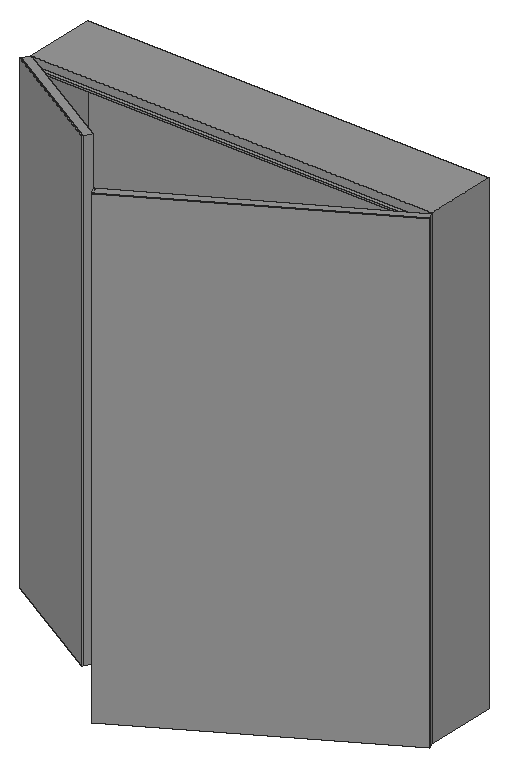
Revit family "Hager-Univers-IP44-D161-H950-Cl.II-FWQ_encl-NoHosted-NL-en", category Equipement électrique, Revit 2020
Family settings
  Configuration du panneau = Deux colonnes, circuits au sein
  Cote de connecteur circulaire = Utiliser le diamètre
  Type d'élément = Tableau de raccordement
  Basée sur le plan de construction = Oui
  Toujours verticalement = Oui
  Couper avec des vides une fois chargée = Non
  Partagée = Non
  Point de calcul de pièce = Non
Parameters (values of type "Surface mounted (plaster) IP44 W800 H950 D161  - FWQ63P")
  Width Control [instance] = if([EF000008 - Width] > Min Width, [EF000008 - Width], Min Width)  # 800 mm
  Commentaires du type = [HG000003 - Range]  # "Univers"
  Thickness Door [instance] = if([EF009171 - Material plate thickness door/cover] > 3 mm, 3 mm, [EF009171 - Material plate thickness door/cover])  # 2 mm
  Seal Frame Offset [instance] = 17 mm  # constant formula
  Plinth Visibility [instance] = [HG000027 - Plinth height] > 0 mm  # no
  Min Width [instance] = 100 mm  # constant formula
  Min Depth [instance] = (2 * [EF009170 - Material plate thickness cabinet]) + 1 mm  # 5 mm
  Min Height [instance] = 100 mm  # constant formula
  Internal Frame Depth [instance] = (Door System Depth * 0.5)  # 9 mm
  Panel Name [instance] = ""  # (empty or 0)
  Model = ""
  HG000027 - Plinth height = 0 mm
  HG000026 - Floor standing = no
  HG000024 - Bottom section height = 600 mm
  HG000023 - Double section enclosure = no
  HG000016 - Door 3d visibility [instance] = yes
  HG000015 - Clearance visibility [instance] = no
  HG000014 - Door on the right [instance] = yes
  HG000013 - Door on the left [instance] = not([HG000014 - Door on the right])  # no
  HG000012 - Door swing angle [instance] = 30.00°
  HG000010 - Asymmetric doors = yes
  HG000009 - Double swing door = yes
  HG000006 - Flush mounted = no
  HG000004 - Manufacturer reference = "FWQ63P"
  HG000003 - Range = "Univers"
  HG000002 - With door or cover = yes
  Frame Offset Bottom [instance] = 10 mm  # constant formula
  Frame Offset [instance] = 15 mm  # constant formula
  EF015940 - Cover with overpressure release = no
  EF011959 - Degree of protection (NEMA) = ""
  EF009554 - Number of openings for flange plates = 6
  EF009212 - Cover model = "EV009916 - With notch"
  EF009171 - Material plate thickness door/cover = 2 mm
  EF009170 - Material plate thickness cabinet = 2 mm
  EF008873 - Nominal current (In) = 125 A
  EF007800 - Suitable for lightning protection = no
  EF006306 - With lock = no
  EF006244 - Transparent cover/door = no
  EF005474 - Degree of protection (IP) = "EV006418 - IP44"
  EF004464 - Type of door = "EV002646 - Single"
  EF004427 - Number of modules = 216
  EF004293 - Impact strength = "EV006815 - IK09"
  EF003532 - Suitable for outdoor use = no
  EF002950 - Width in number of modular spacings = 36
  EF001613 - Circuit integrity = "EV000494 - None"
  EF001596 - Material housing = "EV000179 - Steel"
  EF001131 - Internal depth = 161 mm
  EF001088 - Extension possible = yes
  EF000437 - Number of conduit inlets = 12
  EF000339 - Type of cover = "EV001012 - Cover"
  EF000266 - Number of rows = 3
  EF000218 - Built-in depth = 0 mm
  EF000118 - With mounting plate = yes
  EF000116 - RAL-number = "9010"
  EF000049 - Depth = 161 mm
  EF000040 - Height = 950 mm
  EF000008 - Width = 800 mm
  EF000007 - Colour = "EV000202 - White"
  EF000003 - Mounting method = "EV000384 - Surface mounted (plaster)"
  Door System Leaf Tolerance [instance] = 1.5 mm  # constant formula
  Door System Depth [instance] = 18 mm  # constant formula
  Door Height [instance] = Height Control - [HG000027 - Plinth height]  # 950 mm
  Description = ""
  Default Elevation = 1219.2 mm
  Connector Offset [instance] = Height Control / 2  # 475 mm
  Fabricant = "Hager"  # constant formula
  Height Control [instance] = if([EF000040 - Height] > Min Height, [EF000040 - Height], Min Height)  # 950 mm
  Depth Control [instance] = if([EF000049 - Depth] > Min Depth, [EF000049 - Depth], Min Depth)  # 161 mm
  Bottom Top Plate Trim [instance] = 1.5 mm  # constant formula
  Plinth height Ctrl [instance] = if([HG000027 - Plinth height] > 0 mm, [HG000027 - Plinth height], 12 mm)  # 12 mm
Types (4, lengths in mm): name | Width Control | HG000010 - Asymmetric doors | HG000009 - Double swing door | HG000004 - Manufacturer reference | EF009554 - Number of openings for flange plates | EF004427 - Number of modules | EF002950 - Width in number of modular spacings | EF000437 - Number of conduit inlets | EF000266 - Number of rows | EF000008 - Width
  Surface mounted (plaster) IP44 W1050 H950 D161  - FWQ64P | 1050 | no | yes | "FWQ64P" | 8 | 288 | 48 | 16 | 4 | 1050
  Surface mounted (plaster) IP44 W300 H950 D161  - FWQ61P | 300 | no | no | "FWQ61P" | 2 | 72 | 12 | 4 | 1 | 300
  Surface mounted (plaster) IP44 W550 H950 D161  - FWQ62P | 550 | no | no | "FWQ62P" | 4 | 144 | 24 | 8 | 2 | 550
  Surface mounted (plaster) IP44 W800 H950 D161  - FWQ63P | 800 | yes | yes | "FWQ63P" | 6 | 216 | 36 | 12 | 3 | 800
Reference planes
  plane 1 "Center (Front/Back)": y = 0
  plane 2: z = 0
  plane 3 "Center (Left/Right)": x = 0
  plane 4: y = 0
  plane 5: y = 0
  plane 6: z = 0
  plane 7: x = -400
  plane 8: x = 400
  plane 9: x = 398
  plane 10: x = -398
  plane 11: z = 0
  plane 12: z = 2
  plane 13: y = -161
  plane 14: y = -2
  plane 15: x = 0
  plane 16: y = -143
  plane 17: y = -159
  plane 18: y = -141
  plane 19: x = -383
  plane 20: x = 383
  plane 21: z = 12
  plane 22: x = -383
  plane 23: x = 383
  plane 24: z = 0
  plane 25: z = 950
  plane 26: z = 950
  plane 27: z = 933
  plane 28: z = 948
Forms (mm)
  Extrusion 1, solid, material "Hager_Steel_RAL7035_Light_Grey", detail levels medium+fine
    sketch origin (-208.679, -4572, 0) x (-1, 0, 0) y (0, -1, 0)
      loop
        line (191.321, -4429) -> (-608.679, -4429) -> (-608.679, -4572) -> (191.321, -4572) -> (191.321, -4429)
    from 0 to 950
  Extrusion 2, void
    sketch origin (-350.771, -161, 1219.2) x (1, 0, 0) y (0, 0, 1)
      loop
        line (-47.229, -271.2) -> (-47.229, -1217.2) -> (748.771, -1217.2) -> (748.771, -271.2) -> (-47.229, -271.2)
    from -20 to -159
  Extrusion 3, void
    sketch origin (-290.084, -143, 1219.2) x (1, 0, 0) y (0, 0, 1)
      loop
        line (-92.916, -1207.2) -> (673.084, -1207.2) -> (673.084, -286.2) -> (-92.916, -286.2) -> (-92.916, -1207.2)
    from 0 to -2
  Extrusion 4, solid, material "Hager_Steel_RAL7035_Light_Grey", visible <- "Plinth Visibility", detail levels medium+fine
    sketch origin (0, 0, 0) x (1, 0, 0) y (0, 1, 0)
      loop
        line (-400, 0) -> (-400, -143) -> (400, -143) -> (400, 0) -> (-400, 0)
    from 0 to 12 <- "Plinth height Ctrl"
  Extrusion 5, solid, material "Hager_Steel_RAL7035_Light_Grey", detail levels coarse
    sketch origin (0, 0, 0) x (1, 0, 0) y (0, 1, 0)
      loop
        line (-400, 0) -> (-400, -161) -> (400, -161) -> (400, 0) -> (-400, 0)
    from 0 to 950 <- "Height Control"
  Sweep 6, void
    path in 3D
      loop
        line (-400, -143, 12) -> (400, -143, 12) -> (400, 0, 12) -> (-400, 0, 12) -> (-400, -143, 12)
    profile origin (-400, -71.5, 12) x (1, 0, 0) y (0, 0, 1)
      loop
        line (0, 0) -> (0, -1.5) -> (1.5, -1.5)
        arc (1.5, -1.5) -> (1.061, -0.439) -> (0, 0) r 1.5
  Extrusion 7, solid, material "Hager_Steel_RAL7035_Light_Grey", detail levels fine
    sketch origin (-400, -143, 0) x (1, 0, 0) y (0, 0, 1)
      loop
        line (17, 12) -> (783, 12) -> (783, 933) -> (17, 933) -> (17, 12)
      loop
        line (15, 10) -> (785, 10) -> (785, 935) -> (15, 935) -> (15, 10)
    from 0 to 9 <- "Internal Frame Depth"
Cuts and joins
  Extrusion 2, Extrusion 3 cuts Extrusion 1
  Sweep 6 cuts Extrusion 4
Lines and regions (mm)
  Masking region 1
    outline origin (0, 0, 0) x (1, 0, 0) y (0, 1, 0)
      loop
        line (-400, 0) -> (-400, -161) -> (400, -161) -> (400, 0) -> (-400, 0)
  Masking region 2, detail levels coarse
    outline origin (-290.084, -143, 1219.2) x (-1, 0, 0) y (0, 0, 1)
      loop
        line (-690.084, -1219.2) -> (109.916, -1219.2) -> (109.916, -269.2) -> (-690.084, -269.2) -> (-690.084, -1219.2)
  Masking region 3, detail levels coarse
    outline origin (0, 0, 0) x (0, 1, 0) y (0, 0, 1)
      loop
        line (0, 0) -> (0, 950) -> (-161, 950) -> (-161, 0) -> (0, 0)
  Masking region 4, visible <- "Plinth Visibility", detail levels medium+fine
    outline origin (0, 0, 0) x (0, 1, 0) y (0, 0, 1)
      loop
        line (-1.5, 12) -> (-141.5, 12)
        arc (-141.5, 12) -> (-141.939, 10.939) -> (-143, 10.5) r 1.5
        line (-143, 10.5) -> (-143, 0) -> (0, 0) -> (0, 10.5)
        arc (0, 10.5) -> (-1.061, 10.939) -> (-1.5, 12) r 1.5
  Masking region 5, detail levels medium+fine
    outline origin (0, 0, 594.038) x (0, 1, 0) y (0, 0, 1)
      loop
        line (0, -594.038) -> (0, 355.962) -> (-143, 355.962) -> (-143, -594.038) -> (0, -594.038)
  Masking region 6, detail levels medium+fine
    outline origin (-359.7, -143, 1211.883) x (-1, 0, 0) y (0, 0, 1)
      loop
        line (-759.7, -1211.883) -> (40.3, -1211.883) -> (40.3, -261.883) -> (-759.7, -261.883) -> (-759.7, -1211.883)
  Masking region 7, visible <- "Plinth Visibility", detail levels medium+fine
    outline origin (-320.334, -143, 1041.368) x (-1, 0, 0) y (0, 0, 1)
      loop
        line (-720.334, -1041.368) -> (79.666, -1041.368) -> (79.666, -1030.868)
        arc (79.666, -1030.868) -> (78.606, -1030.429) -> (78.166, -1029.368) r 1.5
        line (78.166, -1029.368) -> (-718.834, -1029.368)
        arc (-718.834, -1029.368) -> (-719.273, -1030.429) -> (-720.334, -1030.868) r 1.5
        line (-720.334, -1030.868) -> (-720.334, -1041.368)
  sketch lines
    curve 1: line (-400, 0, 12) -> (-400, -143, 12)
    curve 2: line (-400, -143, 12) -> (400, -143, 12)
    curve 3: line (400, 0, 12) -> (-400, 0, 12)
    curve 4: line (400, -143, 12) -> (400, 0, 12)
Dimensions and locks
  locked: plane 1 "Center (Front/Back)" to plane 5
  "EF009170 - Material plate thickness cabinet": plane 7 to plane 10
  "EF009170 - Material plate thickness cabinet": plane 8 to plane 9
  equal spacing: plane 7, plane 3 "Center (Left/Right)", plane 8
  "Width Control": plane 7 to plane 8
  "Depth Control": plane 4 to plane 13
  "EF009170 - Material plate thickness cabinet": plane 4 to plane 14
  "Height Control": plane 25 to level
  "HG000027 - Plinth height": plane 11 to level
  "EF009170 - Material plate thickness cabinet": plane 12 to plane 11
  "EF009170 - Material plate thickness cabinet": plane 17 to plane 13
  "EF009170 - Material plate thickness cabinet": plane 18 to plane 16
  "Frame Offset Bottom": plane 21 to plane 12
  "Frame Offset": plane 10 to plane 19
  "Frame Offset": plane 9 to plane 20
  "Door System Depth": plane 16 to plane 13
  "Seal Frame Offset": plane 7 to plane 22
  "Seal Frame Offset": plane 8 to plane 23
  "EF009170 - Material plate thickness cabinet": plane 26 to plane 28
  "Frame Offset": plane 28 to plane 27
  "Connector Offset": plane 2 to connector elem
  "Bottom Top Plate Trim": profile plane to Sweep 6 sketch curve
  "Bottom Top Plate Trim": Sweep 6 sketch curve to Sweep 6 sketch curve
  "Plinth height Ctrl": Masking region 4 sketch curve to level
  "Plinth height Ctrl": Masking region 7 sketch curve to level
  "Thickness Door": Extrusion 7 sketch curve to Extrusion 7 sketch curve  (x4)
  "Bottom Top Plate Trim": radius of Sweep 6 sketch curve
  "Bottom Top Plate Trim": radius of Masking region 4 sketch curve  (x2)
  "Bottom Top Plate Trim": radius of Masking region 7 sketch curve  (x2)
  aligned and locked: Extrusion 2 sketch curve to plane 12
  aligned and locked: Extrusion 2 sketch curve to plane 9
  aligned and locked: Extrusion 2 sketch curve to plane 10
  aligned and locked: Extrusion 2 to plane 14
  aligned and locked: Extrusion 1 sketch curve to plane 4
  aligned and locked: plane 8 to Extrusion 1 sketch curve
  aligned and locked: plane 7 to Extrusion 1 sketch curve
  aligned and locked: Extrusion 2 to plane 18
  aligned and locked: Extrusion 3 sketch curve to plane 19
  aligned and locked: plane 20 to Extrusion 3 sketch curve
  aligned and locked: Extrusion 3 to Extrusion 2
  aligned and locked: Extrusion 3 sketch curve to plane 21
  aligned and locked: plane 3 "Center (Left/Right)" to nested 1
  aligned and locked: Extrusion 1 sketch curve to plane 16
  aligned and locked: Extrusion 4 sketch curve to cut or joined group of Extrusion 1, Extrusion 2, Extrusion 3
  aligned and locked: Masking region 1 sketch curve to plane 7
  aligned and locked: Masking region 1 sketch curve to plane 5
  aligned and locked: Masking region 1 sketch curve to plane 8
  aligned and locked: Masking region 2 sketch curve to level
  aligned and locked: level to Masking region 3 sketch curve
  aligned and locked: plane 1 "Center (Front/Back)" to Masking region 3 sketch curve
  aligned and locked: plane 13 to Masking region 3 sketch curve
  aligned and locked: plane 5 to Masking region 4 sketch curve
  aligned and locked: Masking region 2 sketch curve to plane 8
  aligned and locked: Masking region 2 sketch curve to plane 7
  aligned and locked: plane 7 to nested 2
  aligned and locked: nested 2 to plane 5
  aligned and locked: plane 5 to Masking region 5 sketch curve
  aligned and locked: plane 26 to Masking region 5 sketch curve
  aligned and locked: Extrusion 5 sketch curve to plane 8
  aligned and locked: Extrusion 5 sketch curve to plane 7
  aligned and locked: Extrusion 5 sketch curve to plane 5
  aligned and locked: Extrusion 3 sketch curve to plane 27
  aligned and locked: Extrusion 2 sketch curve to plane 28
  aligned and locked: Masking region 2 to plane 25
  aligned and locked: Extrusion 4 to plane 16
  aligned and locked: profile plane to Sweep 6 sketch curve
  aligned and locked: Masking region 5 sketch curve to plane 24
  aligned and locked: level to Masking region 4 sketch curve
  aligned and locked: Masking region 1 to plane 13
  aligned and locked: nested 1 to plane 16
  aligned and locked: Masking region 3 to plane 25
  aligned and locked: plane 16 to Masking region 4 sketch curve
  aligned and locked: Masking region 5 sketch curve to plane 16
  aligned and locked: plane 24 to plane 11
  aligned and locked: plane 26 to plane 25
  aligned and locked: plane 26 to cut or joined group of Extrusion 1, Extrusion 2, Extrusion 3
  aligned and locked: nested 1 to plane 24
  aligned and locked: Extrusion 1 to Extrusion 3
  aligned and locked: Masking region 6 sketch curve to plane 8
  aligned and locked: Masking region 6 sketch curve to plane 24
  aligned and locked: Masking region 6 sketch curve to plane 7
  aligned and locked: Masking region 6 sketch curve to plane 26
  aligned and locked: Masking region 7 sketch curve to plane 7
  aligned and locked: level to Masking region 7 sketch curve
  aligned and locked: Masking region 7 sketch curve to plane 8
  aligned and locked: Extrusion 7 sketch curve to cut or joined group of Extrusion 1, Extrusion 2, Extrusion 3  (x4)
Automatic sketch dimensions
  plane 19 to Extrusion 3 sketch curve = 0 mm
  Extrusion 3 sketch curve to plane 20 = 0 mm
  Extrusion 3 sketch curve to plane 21 = 0 mm
  Extrusion 4 sketch curve to plane 7 = 0 mm
  Extrusion 4 sketch curve to plane 8 = 0 mm
  Extrusion 4 sketch curve to plane 16 = 0 mm
  Masking region 1 sketch curve to plane 13 = 0 mm
  Masking region 2 sketch curve to plane 25 = 0 mm
  Masking region 3 sketch curve to plane 25 = 0 mm
  Extrusion 5 sketch curve to plane 13 = 0 mm
  profile plane to Sweep 6 sketch curve = 0 mm
Nested families
  nested 1: "EC000058_Univers_Door" at (0, -143, 0), Double <- "HG000009 - Double swing door", Transparent <- "EF006244 - Transparent cover/door", Angle <- "HG000012 - Door swing angle", Door_Right <- "HG000014 - Door on the right", Assymetrical <- "HG000010 - Asymmetric doors", Door <- "HG000002 - With door or cover", Width_Ctrl <- "Width Control", 3d_Door <- "HG000016 - Door 3d visibility", Clearance <- "HG000015 - Clearance visibility", Door_Left <- "HG000013 - Door on the left", Width <- "Width Control", Door_Depth <- "Door System Depth", Leaf_Tolerance <- "Door System Leaf Tolerance", Height <- "Door Height", Lock_Visibility <- "EF006306 - With lock", Thickness <- "Thickness Door", type "EC000058_Univers_Door", detail levels medium+fine
    with min_wh 5 mm, Width_Ctrl 800 mm, Width 800 mm, Transparent no, Thickness 2 mm, Seal_Material Hager_Rubber, Lock_Visibility no, Lock_Material Hager_Plastic_RAL9005_Jet_Black, Leaf_Width 800 mm, Leaf_Tolerance_External_Sides 0 mm, Leaf_Tolerance 1.5 mm, Leaf_Offset 0 mm, Leaf_Height 947 mm, Leaf_2_Width 532.583 mm, Leaf_2_Offset 266.292 mm, Leaf_1_Width 265.917 mm, Leaf_1_Offset 132.958 mm, Height_Ctrl 950 mm, Height 950 mm, Glass_Material Hager_Glass, Double_Clearance_Ctrl no, Double yes, Door_Right_Ctrl yes, Door_Right yes, Door_Material Hager_Steel_RAL7035_Light_Grey, Door_Left_Ctrl yes, Door_Left no, Door_Depth 18 mm, Door yes, Clearance_Material Hager_Clearance, Clearance_Depth 532.583 mm, Clearance_Ctrl no, Clearance no, Assymetrical yes, Angle 30.00°, 3d_Door yes
  nested 2: "Hager_Enclosure_Symbol" at (-400, 0, 0), Height <- "Depth Control", Width <- "Width Control", type "Hager_Enclosure_Symbol"
    with Width_Ctrl 800 mm, Width 800 mm, Height_Ctrl 161 mm, Height 161 mm, A_Width_Int 10.566 mm, A_Width 126.788 mm, A_Height_Ctrl 140.875 mm, A_Height 140.875 mm
Connectors
  electrical at (0, 0, 475)
    settings: on plane 1 "Center (Front/Back)", index 1, voltage 0 V, apparent load 0 VA, apparent load phase1 0 VA, apparent load phase2 0 VA, apparent load phase3 0 VA, power factor 1, load classification "Other", number of poles 1, system type 30, power factor state 1, is connector primary yes, connector utility no, sub classification motor no, connector description ""
Definition of nested family "EC000058_Univers_Door"
  Parameters (values of type "EC000058_Univers_Door")
    min_wh [instance] = (2 * Thickness) + 1 mm  # 11 mm
    Width_Ctrl [instance] = 400 mm
    Width [instance] = 500 mm
    Transparent [instance] = yes
    Thickness [instance] = 5 mm
    Seal_Material [instance] = none
    Lock_Visibility [instance] = yes
    Lock_Material [instance] = none
    Leaf_Width [instance] = if((Width_Ctrl - 2 * Leaf_Tolerance_External_Sides) > 0 mm, (Width_Ctrl - 2 * Leaf_Tolerance_External_Sides), min_wh)  # 400 mm
    Leaf_Tolerance_External_Sides [instance] = 0 mm  # constant formula
    Leaf_Tolerance [instance] = 1.5 mm
    Leaf_Offset [instance] = 0 mm  # constant formula
    Leaf_Height [instance] = if((Height_Ctrl - 2 * Leaf_Tolerance) > 0 mm, (Height_Ctrl - 2 * Leaf_Tolerance), min_wh)  # 497 mm
    Leaf_2_Width [instance] = if(and(and(Double, Assymetrical), Door_Left), (Leaf_Width / 3) - (Leaf_Tolerance / 2), if(and(and(Double, Assymetrical), Door_Right), (Leaf_Width / 3) * 2 - (Leaf_Tolerance / 2), if(and(Double, not(Assymetrical)), (Leaf_Width / 2) - Leaf_Tolerance, Leaf_Width)))  # 400 mm
    Leaf_2_Offset [instance] = if(and(Double, Assymetrical), Leaf_2_Width / 2, if(and(Double, not(Assymetrical)), Leaf_Width / 4, Leaf_Width / 2))  # 200 mm
    Leaf_1_Width [instance] = if(and(and(Double, Assymetrical), Door_Right), (Leaf_Width / 3) - (Leaf_Tolerance / 2), if(and(and(Double, Assymetrical), Door_Left), (Width / 3) * 2 - (Leaf_Tolerance / 2), if(and(Double, not(Assymetrical)), (Leaf_Width / 2) - Leaf_Tolerance, Leaf_Width)))  # 400 mm
    Leaf_1_Offset [instance] = if(and(Double, Assymetrical), Leaf_1_Width / 2, if(and(Double, not(Assymetrical)), Leaf_Width / 4, Leaf_Width / 2))  # 200 mm
    Height_Ctrl [instance] = if(Height > min_wh, Height, min_wh)  # 500 mm
    Height [instance] = 500 mm
    Glass_Material [instance] = none
    Double_Clearance_Ctrl [instance] = and(Double, Clearance)  # no
    Double [instance] = no
    Door_Right_Ctrl [instance] = and(or(Door_Right, Double), Door)  # yes
    Door_Right [instance] = yes
    Door_Material [instance] = none
    Door_Left_Ctrl [instance] = and(or(Door_Left, Double), Door)  # no
    Door_Left [instance] = no
    Door_Depth [instance] = 30 mm
    Door [instance] = yes
    Default Elevation = 1219.2 mm
    Clearance_Material [instance] = none
    Clearance_Depth [instance] = if(Leaf_1_Width > Leaf_2_Width, Leaf_1_Width, Leaf_2_Width)  # 400 mm
    Clearance_Ctrl [instance] = and(not(Double), Clearance)  # yes
    Clearance [instance] = yes
    Assymetrical [instance] = yes
    Angle [instance] = 30.00°
    3d_Door [instance] = yes
  Reference planes
    plane 1 "Center (Front/Back)": y = 0
    plane 2 "Bottom": z = 0
    plane 3 "Center (Left/Right)": x = 0
    plane 4: z = 500
    plane 5: x = -200
    plane 6: x = 200
    plane 7: z = 500
    plane 8: x = -200
    plane 9: z = 0
    plane 10: x = 200
    plane 11: y = 0
    plane 12: z = 1.5
    plane 13: x = -600
    plane 14: y = -400
    plane 15: x = 600
    plane 16: x = 0
    plane 17: x = 0
    plane 18: x = -200
    plane 19: x = 200
    plane 20: z = 498.5
  Forms (mm)
    Extrusion 1, solid, material <- "Clearance_Material", visible <- "Double_Clearance_Ctrl"
      sketch origin (1200, 0, 0) x (1, 0, 0) y (0, 0, -1)
        loop
          line (-1800, -498.5) -> (-600, -498.5) -> (-600, 0) -> (-1800, 0) -> (-1800, -498.5)
      from 0 to -400
  Dimensions and locks
    equal spacing: plane 5, plane 3 "Center (Left/Right)", plane 6
    "Width_Ctrl": plane 5 to plane 6
    "Leaf_Offset": plane 5 to plane 8
    "Leaf_Offset": plane 6 to plane 10
    "Leaf_Offset": plane 9 to level
    "Leaf_Offset": plane 4 to plane 7
    "Height_Ctrl": plane 4 to level
    "Leaf_Tolerance": plane 12 to plane 9
    locked: plane 11 to plane 1 "Center (Front/Back)"
    "Leaf_1_Offset": plane 18 to plane 16
    "Leaf_2_Offset": plane 17 to plane 19
    "Leaf_1_Width": plane 13 to plane 8
    "Leaf_2_Width": plane 10 to plane 15
    "Clearance_Depth": plane 14 to plane 1 "Center (Front/Back)"
    "Leaf_Tolerance_External_Sides": plane 8 to plane 18
    "Leaf_Tolerance_External_Sides": plane 19 to plane 10
    "Leaf_Tolerance": plane 7 to plane 20
    aligned and locked: level to plane 2 "Bottom"
    aligned and locked: nested 1 to plane 16
    aligned and locked: nested 2 to plane 17
    aligned and locked: Extrusion 1 to plane 13
    aligned and locked: plane 15 to Extrusion 1
    aligned and locked: Extrusion 1 to plane 14
    aligned and locked: plane 12 to nested 1
    aligned and locked: nested 2 to plane 12
    aligned and locked: Extrusion 1 to plane 11
    aligned and locked: plane 20 to Extrusion 1
    aligned and locked: nested 2 to plane 11
    aligned and locked: nested 1 to plane 11
  Automatic sketch dimensions
    Extrusion 1 sketch curve to level = 0 mm
    plane 5 to Extrusion 1 sketch curve = 400 mm
    plane 6 to Extrusion 1 sketch curve = 400 mm
    Extrusion 1 sketch curve to plane 4 = 1.5 mm
  Nested families
    nested 1: "EC000058_Univers_Door_Leaf" at (0, 0, 1.5), Width <- "Leaf_1_Width", visible <- "Door_Left_Ctrl", Leaf_Height <- "Leaf_Height", Angle <- "Angle", 3d_Door <- "3d_Door", Transparent <- "Transparent", Clearance Material <- "Clearance_Material", Clearance <- "Clearance_Ctrl", Door_Material <- "Door_Material", Glass_Material <- "Glass_Material", Door_Depth <- "Door_Depth", Lock_Material <- "Lock_Material", Seal_Material <- "Seal_Material", Lock_Visibility <- "Lock_Visibility", Thickness <- "Thickness", type "EC000058_Univers_Door_Leaf"
      with Width 400 mm, Transparent_Glass_Offset 30 mm, Transparent_Ctrl yes, Transparent yes, Thickness 5 mm, Standard no, Seal_Material none, Seal_D2 8 mm, Seal_D1 1 mm, Offset_Internal_Frame 10 mm, Lock_Width 20 mm, Lock_Visibility_3d yes, Lock_Visibility yes, Lock_Thickness_3 3 mm, Lock_Thickness_2 1 mm, Lock_Thickness_1 3 mm, Lock_Radius_Offset_2 16 mm, Lock_Radius_Offset_1 15 mm, Lock_Radius_2 5 mm, Lock_Radius 6 mm, Lock_Offset 5 mm, Lock_Material none, Lock_Height 80 mm, Lock_Cover_Top_Offset_2d 17 mm, Lock_Cover_Height -65 mm, Leaf_Height 497 mm, Internal_Seal_Thickness 8 mm, Internal_Seal_Depth_2 4.5 mm, Internal_Frame_Depth 25 mm, Glass_Thickness -1 mm, Glass_Offset -2 mm, Glass_Material none, Door_Material none, Door_Depth 30 mm, Clearance Material none, Clearance yes, Angle_Ctrl 30.00°, Angle 30.00°, 3d_Door yes
    nested 2: "EC000058_Univers_Door_Leaf" at (0, 0, 1.5) x (-1, 0, 0) z (0, 0, 1), Width <- "Leaf_2_Width", visible <- "Door_Right_Ctrl", Leaf_Height <- "Leaf_Height", Angle <- "Angle", 3d_Door <- "3d_Door", Transparent <- "Transparent", Clearance Material <- "Clearance_Material", Clearance <- "Clearance_Ctrl", Door_Material <- "Door_Material", Glass_Material <- "Glass_Material", Door_Depth <- "Door_Depth", Lock_Material <- "Lock_Material", Seal_Material <- "Seal_Material", Lock_Visibility <- "Lock_Visibility", Thickness <- "Thickness", type "EC000058_Univers_Door_Leaf"
      with Width 400 mm, Transparent_Glass_Offset 30 mm, Transparent_Ctrl yes, Transparent yes, Thickness 5 mm, Standard no, Seal_Material none, Seal_D2 8 mm, Seal_D1 1 mm, Offset_Internal_Frame 10 mm, Lock_Width 20 mm, Lock_Visibility_3d yes, Lock_Visibility yes, Lock_Thickness_3 3 mm, Lock_Thickness_2 1 mm, Lock_Thickness_1 3 mm, Lock_Radius_Offset_2 16 mm, Lock_Radius_Offset_1 15 mm, Lock_Radius_2 5 mm, Lock_Radius 6 mm, Lock_Offset 5 mm, Lock_Material none, Lock_Height 80 mm, Lock_Cover_Top_Offset_2d 17 mm, Lock_Cover_Height -65 mm, Leaf_Height 497 mm, Internal_Seal_Thickness 8 mm, Internal_Seal_Depth_2 4.5 mm, Internal_Frame_Depth 25 mm, Glass_Thickness -1 mm, Glass_Offset -2 mm, Glass_Material none, Door_Material none, Door_Depth 30 mm, Clearance Material none, Clearance yes, Angle_Ctrl 30.00°, Angle 30.00°, 3d_Door yes
  Definition of nested family "EC000058_Univers_Door_Leaf"
    Parameters (values of type "EC000058_Univers_Door_Leaf")
      Width [instance] = 2000 mm
      Transparent_Glass_Offset [instance] = 30 mm
      Transparent_Ctrl [instance] = and(Transparent, [3d_Door])  # yes
      Transparent [instance] = yes
      Thickness [instance] = 5 mm
      Standard [instance] = and(not(Transparent), [3d_Door])  # no
      Seal_Material [instance] = none
      Seal_D2 [instance] = 8 mm  # constant formula
      Seal_D1 [instance] = 1 mm  # constant formula
      Offset_Internal_Frame [instance] = 10 mm  # constant formula
      Lock_Width [instance] = 20 mm  # constant formula
      Lock_Visibility_3d [instance] = and(Lock_Visibility, [3d_Door])  # yes
      Lock_Visibility [instance] = yes
      Lock_Thickness_3 [instance] = 3 mm  # constant formula
      Lock_Thickness_2 [instance] = 1 mm  # constant formula
      Lock_Thickness_1 [instance] = 3 mm  # constant formula
      Lock_Radius_Offset_2 [instance] = Lock_Radius_Offset_1 + 1 mm  # 16 mm
      Lock_Radius_Offset_1 [instance] = 15 mm  # constant formula
      Lock_Radius_2 [instance] = Lock_Radius - 1 mm  # 5 mm
      Lock_Radius [instance] = 6 mm  # constant formula
      Lock_Offset [instance] = 5 mm  # constant formula
      Lock_Material [instance] = none
      Lock_Height [instance] = 80 mm  # constant formula
      Lock_Cover_Top_Offset_2d [instance] = Lock_Radius_Offset_2 + 1 mm  # 17 mm
      Lock_Cover_Height [instance] = -(Lock_Height - Lock_Radius_Offset_1)  # -65 mm
      Leaf_Height [instance] = 2720.336 mm
      Internal_Seal_Thickness [instance] = 8 mm  # constant formula
      Internal_Seal_Depth_2 [instance] = 4.5 mm  # constant formula
      Internal_Frame_Depth [instance] = if(Door_Depth - Thickness > 5 mm, Door_Depth - Thickness, 5 mm)  # 25 mm
      Glass_Thickness [instance] = if(Thickness > 15 mm, Glass_Offset + 10 mm, -1 mm)  # -1 mm
      Glass_Offset [instance] = if(Thickness > 15 mm, -(Thickness + 10 mm) / 2, -2 mm)  # -2 mm
      Glass_Material [instance] = none
      Door_Material [instance] = none
      Door_Depth [instance] = 30 mm
      Default Elevation = 0 mm
      Clearance Material [instance] = none
      Clearance [instance] = yes
      Angle_Ctrl [instance] = if(Angle > 180.00°, 180.00°, Angle)  # 90.00°
      Angle [instance] = 90.00°
      3d_Door [instance] = yes
    Reference planes
      plane 1 "Center (Front/Back)": y = 0
      plane 2: z = 0
      plane 3 "Center (Left/Right)": x = 0
      plane 4: y = 2000
      plane 5: x = -1000
      plane 6: x = 1000
      plane 7: x = -3000
      plane 8: z = 2720.336
      plane 9: z = 30
      plane 10: z = 2690.336
      plane 11: x = 970
      plane 12: x = -970
      plane 13: y = -3
      plane 14: z = 107.833
      plane 15: y = -5
      plane 16: y = -223.314
      plane 17: x = -1000
      plane 18: z = 1360.168
      plane 19: y = 30
    Forms (mm)
      Extrusion 1, solid, material <- "Clearance Material", visible <- "Clearance"
        sketch origin (0, 0, 0) x (1, 0, 0) y (0, 0, 1)
          loop
            line (-3000, 2720.336) -> (-3000, 0) -> (1000, 0) -> (1000, 2720.336) -> (-3000, 2720.336)
        from 0 to -2000
      Extrusion 2, solid, material <- "Door_Material", visible <- "Standard", detail levels medium+fine
        sketch origin (-1000, 0, 0) x (0, 1, 0) y (-1, 0, 0)
          loop
            line (0, 30) -> (0, 25) -> (2000, 25) -> (2000, 30) -> (0, 30)
        from 0 to 2720.336 <- "Leaf_Height"
      Extrusion 3, solid, material <- "Door_Material", visible <- "Transparent_Ctrl", detail levels medium+fine
        sketch origin (-1000, 0, 0) x (0, 1, 0) y (-1, 0, 0)
          loop
            line (0, 25) -> (2000, 25) -> (2000, 30) -> (0, 30) -> (0, 25)
        from 0 to 2720.336 <- "Leaf_Height"
      Extrusion 4, void
        sketch origin (-1025, 2000, 0) x (0, 1, 0) y (0, 0, -1)
          loop
            line (-30, -2690.336) -> (-30, -30) -> (-1970, -30) -> (-1970, -2690.336) -> (-30, -2690.336)
        from 0 to 5 <- "Thickness"
      Sweep 5, solid, material <- "Seal_Material", visible <- "Transparent_Ctrl", detail levels fine
        path in 3D
          loop
            line (-1025, 30, 30) -> (-1025, 30, 2690.336) -> (-1025, 1970, 2690.336) -> (-1025, 1970, 30) -> (-1025, 30, 30)
        profile origin (-1025, 1000, 30) x (1, 0, 0) y (0, 0, 1)
          loop
            line (0, 0) -> (0, -8) -> (1, -8) -> (1, 0) -> (0, 0)
      Extrusion 6, solid, material <- "Glass_Material", visible <- "Transparent_Ctrl", detail levels medium+fine
        sketch origin (-1030, 0, 0) x (0, 1, 0) y (0, 0, -1)
          loop
            line (1970, -2690.336) -> (1970, -30) -> (30, -30) -> (30, -2690.336) -> (1970, -2690.336)
        from -2 <- "Glass_Offset" to -1 <- "Glass_Thickness"
      Extrusion 7, solid, material <- "Door_Material", visible <- "3d_Door", detail levels medium+fine
        sketch origin (-1025, 2000, 0) x (0, -1, 0) y (0, 0, -1)
          loop
            line (0, -2720.336) -> (2000, -2720.336) -> (2000, 0) -> (0, 0) -> (0, -2720.336)
          loop
            line (1995, -5) -> (5, -5) -> (5, -2715.336) -> (1995, -2715.336) -> (1995, -5)
        from 0 to 25 <- "Internal_Frame_Depth"
      Sweep 8, solid, material <- "Seal_Material", visible <- "Transparent_Ctrl", detail levels fine
        path in 3D
          loop
            line (-1025, 0, 0) -> (-1025, 2000, 0) -> (-1025, 2000, 2720.336) -> (-1025, 0, 2720.336) -> (-1025, 0, 0)
        profile origin (-1025, 0, 1360.168) x (1, 0, 0) y (0, 1, 0)
          loop
            line (0, 10) -> (2.975, 10)
            arc (2.975, 10) -> (4.053, 10.447) -> (4.5, 11.525) r 1.525
            line (4.5, 11.525) -> (4.5, 16.527)
            arc (4.5, 16.527) -> (4.069, 17.569) -> (3.027, 18) r 1.473
            line (3.027, 18) -> (0, 18) -> (0, 10)
      Extrusion 9, solid, material <- "Lock_Material", visible <- "Lock_Visibility_3d", detail levels fine
        sketch origin (-1030, 0, 0) x (0, 1, 0) y (0, 0, -1)
          loop
            arc (1993.5, -1400.168) -> (1994.561, -1399.729) -> (1995, -1398.668) r 1.5
            line (1995, -1398.668) -> (1995, -1320.168) -> (1975, -1320.168) -> (1975, -1398.668)
            arc (1975, -1398.668) -> (1975.439, -1399.729) -> (1976.5, -1400.168) r 1.5
            line (1976.5, -1400.168) -> (1993.5, -1400.168)
        from 3 <- "Lock_Thickness_1" to 0
      Blend 10, solid, material <- "Lock_Material", visible <- "Lock_Visibility_3d", detail levels fine
        base sketch origin (-1033, 0, 0) x (0, 1, 0) y (0, 0, -1)
          loop
            line (1975, -1320.168) -> (1975, -1398.668)
            arc (1975, -1398.668) -> (1975.439, -1399.729) -> (1976.5, -1400.168) r 1.5
            line (1976.5, -1400.168) -> (1993.5, -1400.168)
            arc (1993.5, -1400.168) -> (1994.561, -1399.729) -> (1995, -1398.668) r 1.5
            line (1995, -1398.668) -> (1995, -1320.168) -> (1975, -1320.168)
        top sketch origin (-1033, 0, 0) x (0, 1, 0) y (0, 0, -1)
          loop
            line (1976, -1320.168) -> (1976, -1398.668)
            arc (1976, -1398.668) -> (1976.146, -1399.022) -> (1976.5, -1399.168) r 0.5
            line (1976.5, -1399.168) -> (1993.5, -1399.168)
            arc (1993.5, -1399.168) -> (1993.854, -1399.022) -> (1994, -1398.668) r 0.5
            line (1994, -1398.668) -> (1994, -1320.168) -> (1976, -1320.168)
        from 0 to 1 <- "Lock_Thickness_2"
      Blend 11, solid, material <- "Lock_Material", visible <- "Lock_Visibility_3d", detail levels fine
        base sketch origin (-1034, 0, 0) x (0, 1, 0) y (0, 0, -1)
          loop
            line (1978, -1320.168) -> (1978, -1384.168)
            arc (1978, -1384.168) -> (1985, -1391.168) -> (1992, -1384.168) r 7
            line (1992, -1384.168) -> (1992, -1320.168) -> (1978, -1320.168)
        top sketch origin (-1034, 0, 0) x (0, 1, 0) y (0, 0, -1)
          loop
            line (1991, -1320.168) -> (1979, -1320.168) -> (1979, -1383.168)
            arc (1979, -1383.168) -> (1985, -1389.168) -> (1991, -1383.168) r 6
            line (1991, -1383.168) -> (1991, -1320.168)
        from 0 to 3 <- "Lock_Thickness_3"
      Extrusion 12, solid, material <- "Lock_Material", visible <- "Lock_Visibility_3d", detail levels fine
        sketch origin (-1030, 1975, 1320.168) x (1, 0, 0) y (0, -1, 0)
          loop
            line (-7, -19) -> (-7, -1) -> (0, -1) -> (0, 0) -> (-8, 0) -> (-8, -20) -> (0, -20) -> (0, -19) -> (-7, -19)
        from 0 to -65 <- "Lock_Cover_Height"
      Extrusion 13, void
        sketch origin (-1038, 1995, 1320.168) x (-1, 0, 0) y (0, 0, -1)
          loop
            line (-5, -65) -> (0, -65) -> (-5, -60) -> (-5, -65)
        from 0 to 20 <- "Lock_Width"
      Extrusion 14, void
        sketch origin (-1038, 1975, 1320.168) x (0, -1, 0) y (0, 0, -1)
          loop
            circle (-10, -15.995) r 6
          loop
            circle (-10, -15.995) r 5
        from 0 to 2
      Extrusion 15, solid, material <- "Lock_Material", visible <- "Lock_Visibility_3d", detail levels medium
        sketch origin (-1030, 0, 0) x (0, 1, 0) y (0, 0, -1)
          loop
            arc (1993.5, -1400.168) -> (1994.561, -1399.729) -> (1995, -1398.668) r 1.5
            line (1995, -1398.668) -> (1995, -1320.168) -> (1975, -1320.168) -> (1975, -1398.668)
            arc (1975, -1398.668) -> (1975.439, -1399.729) -> (1976.5, -1400.168) r 1.5
            line (1976.5, -1400.168) -> (1993.5, -1400.168)
        from 8 to 0
    Cuts and joins
      Extrusion 4 cuts Extrusion 3
      Extrusion 13, Extrusion 14 cuts Extrusion 9
      Extrusion 14 cuts Blend 11
      Extrusion 13, Extrusion 14 cuts Extrusion 12
      joined: Extrusion 9, Blend 10, Blend 11, Extrusion 12
      Extrusion 14 cuts Extrusion 15
    Lines and regions (mm)
      Masking region 1, visible <- "Lock_Visibility", detail levels fine
        outline origin (0, 0, 0) x (0, 1, 0) y (0, 0, 1)
          loop
            line (30, 1320.168) -> (33, 1320.168) -> (33, 1400.168) -> (30, 1400.168) -> (30, 1320.168)
      Masking region 2, visible <- "Lock_Visibility", detail levels fine
        outline origin (0, 3.143, 0) x (0, 1, 0) y (0, 0, 1)
          loop
            line (29.857, 1354.168) -> (30.857, 1354.168) -> (30.857, 1366.168) -> (29.857, 1366.168) -> (29.857, 1354.168)
      Masking region 3, detail levels medium+fine
        outline origin (0, 0, 0) x (0, 1, 0) y (0, 0, 1)
          loop
            line (0, 0) -> (30, 0) -> (30, 2720.336) -> (0, 2720.336) -> (0, 0)
      Masking region 4, detail levels medium+fine
        outline origin (0, 0, 0) x (1, 0, 0) y (0, 0, 1)
          loop
            line (-1000, 2720.336) -> (-1000, 0) -> (1000, 0) -> (1000, 2720.336) -> (-1000, 2720.336)
      Masking region 5, visible <- "Lock_Visibility", detail levels fine
        outline origin (-47.116, 0, 0) x (1, 0, 0) y (0, 0, 1)
          loop
            arc (1024.616, 1399.168) -> (1023.556, 1398.729) -> (1023.116, 1397.668) r 1.5
            line (1023.116, 1397.668) -> (1023.116, 1320.168) -> (1041.116, 1320.168) -> (1041.116, 1397.668)
            arc (1041.116, 1397.668) -> (1040.677, 1398.729) -> (1039.616, 1399.168) r 1.5
            line (1039.616, 1399.168) -> (1024.616, 1399.168)
      Masking region 6, visible <- "Lock_Visibility", detail levels medium+fine
        outline origin (-25, 0, 0) x (1, 0, 0) y (0, 0, 1)
          loop
            arc (1001.5, 1400.168) -> (1000.439, 1399.729) -> (1000, 1398.668) r 1.5
            line (1000, 1398.668) -> (1000, 1320.168) -> (1020, 1320.168) -> (1020, 1398.668)
            arc (1020, 1398.668) -> (1019.561, 1399.729) -> (1018.5, 1400.168) r 1.5
            line (1018.5, 1400.168) -> (1001.5, 1400.168)
      Masking region 7, visible <- "Lock_Visibility", detail levels fine
        outline origin (-73.735, 0, 0) x (1, 0, 0) y (0, 0, 1)
          loop
            line (1051.735, 1382.168) -> (1065.735, 1382.168) -> (1065.735, 1384.168)
            arc (1065.735, 1384.168) -> (1058.735, 1391.168) -> (1051.735, 1384.168) r 7
            line (1051.735, 1384.168) -> (1051.735, 1382.168)
      Masking region 8, visible <- "Lock_Visibility", detail levels fine
        outline origin (-73.735, 0, 0) x (1, 0, 0) y (0, 0, 1)
          loop
            line (1052.735, 1382.168) -> (1064.735, 1382.168) -> (1064.735, 1383.168)
            arc (1064.735, 1383.168) -> (1058.735, 1389.168) -> (1052.735, 1383.168) r 6
            line (1052.735, 1383.168) -> (1052.735, 1382.168)
      Masking region 9, visible <- "Lock_Visibility", detail levels fine
        outline origin (-25, 0, 0) x (1, 0, 0) y (0, 0, 1)
          loop
            line (1020, 1320.168) -> (1020, 1382.168) -> (1000, 1382.168) -> (1000, 1320.168) -> (1020, 1320.168)
      Masking region 10, detail levels medium+fine
        outline origin (0, 0, 0) x (1, 0, 0) y (0, 0, 1)
          loop
            circle (985, 1335.144) r 6
      Masking region 11, detail levels fine
        outline origin (0, 0, 0) x (1, 0, 0) y (0, 0, 1)
          loop
            circle (985, 1335.144) r 5
      Masking region 12, visible <- "Lock_Visibility", detail levels fine
        outline origin (0, 12.767, 0) x (0, 1, 0) y (0, 0, 1)
          loop
            line (20.233, 1320.168) -> (21.233, 1320.168) -> (21.233, 1399.168) -> (20.233, 1400.168) -> (20.233, 1320.168)
      Masking region 13, visible <- "Lock_Visibility", detail levels fine
        outline origin (0, 13.767, -10) x (0, 1, 0) y (0, 0, 1)
          loop
            line (20.233, 1330.168) -> (23.233, 1330.168) -> (23.233, 1399.168) -> (20.233, 1402.168) -> (20.233, 1330.168)
      Masking region 14, visible <- "Lock_Visibility", detail levels fine
        outline origin (0, 12.767, -10) x (0, 1, 0) y (0, 0, 1)
          loop
            line (20.233, 1330.168) -> (25.233, 1330.168) -> (25.233, 1399.305) -> (20.233, 1394.305) -> (20.233, 1330.168)
      Masking region 15, visible <- "Lock_Visibility", detail levels medium
        outline origin (0, 0, 0) x (0, 1, 0) y (0, 0, 1)
          loop
            line (30, 1320.168) -> (38, 1320.168) -> (38, 1400.168) -> (30, 1400.168) -> (30, 1320.168)
      Masking region 16, visible <- "Lock_Visibility", detail levels fine
        outline origin (-1000, 0, 0) x (0, 1, 0) y (-1, 0, 0)
          loop
            line (1975, 30) -> (1995, 30) -> (1995, 38) -> (1975, 38) -> (1975, 30)
          loop
            line (1979, 37) -> (1976, 37) -> (1976, 34) -> (1978, 34) -> (1979, 37)
          loop
            line (1994, 37) -> (1991, 37) -> (1992, 34) -> (1994, 34) -> (1994, 37)
      Masking region 17, visible <- "Lock_Visibility", detail levels medium
        outline origin (-1000, 0, 0) x (0, 1, 0) y (-1, 0, 0)
          loop
            line (1975, 30) -> (1995, 30) -> (1995, 38) -> (1975, 38) -> (1975, 30)
      symbolic lines
        curve 1: line (1000, 0, 0) -> (-3000, 0, 0)
        curve 2: arc (1000, 0, 0) -> (-1000, 2000, 0) -> (-3000, 0, 0) r 2000
        curve 4: line (-1030, 0, 0) -> (-1030, 2000, 0)
      reference lines
        curve 3: line (-1000, 0, 0) -> (-1000, 2000, 0)
      symbolic lines, detail levels medium+fine
        curve 5: line (-1030, 2000, 0) -> (-1025, 2000, 0)
        curve 7: line (-1025, 0, 0) -> (-1030, 0, 0)
        curve 8: line (-1025, 0, 0) -> (-1000, 0, 0)
        curve 9: line (-1000, 0, 0) -> (-1000, 2000, 0)
        curve 10: line (-1000, 2000, 0) -> (-1025, 2000, 0)
      symbolic lines, detail levels fine
        curve 6: line (-1025, 2000, 0) -> (-1025, 0, 0)
      sketch lines
        curve 11: line (-1025, 0, 2720.336) -> (-1025, 0, 0)
        curve 12: line (-1025, 2000, 0) -> (-1025, 0, 0)
        curve 13: line (-1025, 2000, 2720.336) -> (-1025, 2000, 0)
        curve 14: line (-1025, 0, 2720.336) -> (-1025, 2000, 2720.336)
        curve 15: line (-1025, 1970, 30) -> (-1025, 30, 30)
        curve 16: line (-1025, 30, 30) -> (-1025, 30, 2690.336)
        curve 17: line (-1025, 1970, 2690.336) -> (-1025, 1970, 30)
        curve 18: line (-1025, 30, 2690.336) -> (-1025, 1970, 2690.336)
      symbolic lines, visible <- "Transparent", detail levels medium+fine
        curve 19: line (-970, 0, 2690.336) -> (970, 0, 2690.336)
        curve 20: line (-970, 0, 30) -> (-970, 0, 2690.336)
        curve 21: line (970, 0, 30) -> (-970, 0, 30)
        curve 22: line (970, 0, 2690.336) -> (970, 0, 30)
    Dimensions and locks
      "Width": plane 1 "Center (Front/Back)" to plane 4
      equal spacing: plane 5, plane 3 "Center (Left/Right)", plane 6
      "Width": plane 5 to plane 6
      "Width": plane 7 to plane 5
      "Leaf_Height": plane 8 to level
      "Width": curve 5 to curve 3
      "Width": curve 3 to curve 3
      plane 8 to plane 10 = 30 mm
      plane 9 to level = 30 mm
      plane 12 to plane 5 = 30 mm
      plane 6 to plane 11 = 30 mm
      Extrusion 1 to Extrusion 4 sketch curve = 30 mm
      "Transparent_Glass_Offset": curve 3 to Extrusion 4 sketch curve
      "Transparent_Glass_Offset": Extrusion 4 sketch curve to cut or joined group of Extrusion 3, Extrusion 4  (x2)
      cut or joined group of Extrusion 3, Extrusion 4 to Extrusion 6 sketch curve = 30 mm
      "Transparent_Glass_Offset": cut or joined group of Extrusion 3, Extrusion 4 to Extrusion 4 sketch curve
      "Thickness": curve 6 to curve 4
      "Thickness": Extrusion 7 sketch curve to Extrusion 7 sketch curve  (x4)
      "Door_Depth": curve 4 to curve 3
      "Offset_Internal_Frame": profile plane to Sweep 8 sketch curve
      "Internal_Seal_Thickness": Sweep 8 sketch curve to Sweep 8 sketch curve
      "Internal_Seal_Depth_2": profile plane to Sweep 8 sketch curve
      "Seal_D1": profile plane to Sweep 5 sketch curve
      "Seal_D2": profile plane to Sweep 5 sketch curve
      "Thickness": Extrusion 2 sketch curve to Extrusion 2 sketch curve
      equal spacing: Extrusion 9 sketch curve, plane 18, Extrusion 9 sketch curve  (x2)
      equal spacing: Masking region 1 sketch curve, plane 18, Masking region 1 sketch curve
      "Lock_Height": Masking region 1 sketch curve to Masking region 1 sketch curve
      "Lock_Radius": Masking region 2 sketch curve to plane 18 to Masking region 2 sketch curve
      Masking region 2 sketch curve to Masking region 1 = 1 mm
      "Door_Depth": plane 19 to plane 1 "Center (Front/Back)"
      "Lock_Thickness_1": Masking region 1 sketch curve to plane 19
      "Lock_Width": Extrusion 9 sketch curve to Extrusion 9 sketch curve
      "Lock_Height": Extrusion 9 sketch curve to Extrusion 9 sketch curve
      "Lock_Offset": cut or joined group of Extrusion 3, Extrusion 4 to Extrusion 9 sketch curve
      equal spacing: plane 8, plane 18, level
      "Lock_Radius_Offset_1": Blend 11 sketch curve to Blend 10
      locked: Blend 10 to Blend 11 sketch curve at 2  (x2)
      locked: var sketch to Blend 11 sketch curve at 1  (x2)
      "Lock_Radius_Offset_2": Blend 11 sketch curve to Blend 10
      locked: Extrusion 12 sketch curve to Extrusion 12 sketch curve at 1  (x3)
      Masking region 6 sketch curve to Masking region 6 sketch curve = 80 mm
      "Lock_Height": Masking region 6 sketch curve to Masking region 6 sketch curve
      "Lock_Width": Masking region 6 sketch curve to Masking region 6 sketch curve
      locked: Masking region 6 to Masking region 5 sketch curve at 1  (x3)
      locked: Masking region 5 to Masking region 7 sketch curve at 2  (x2)
      "Lock_Radius_Offset_1": Masking region 5 to Masking region 7 sketch curve
      "Lock_Radius_Offset_2": Masking region 5 to Masking region 8 sketch curve
      locked: Masking region 7 to Masking region 8 sketch curve at 1  (x2)
      "Lock_Cover_Top_Offset_2d": Masking region 5 to Masking region 9 sketch curve
      equal spacing: Masking region 9, Masking region 10 sketch curve, Masking region 9
      equal spacing: Masking region 9, Masking region 11 sketch curve, Masking region 9
      Extrusion 15 sketch curve to Extrusion 15 sketch curve = 80 mm
      "Lock_Width": Extrusion 15 sketch curve to Extrusion 15 sketch curve
      "Lock_Height": Extrusion 15 sketch curve to Extrusion 15 sketch curve
      equal spacing: Extrusion 15 sketch curve, plane 18, Extrusion 15 sketch curve
      "Lock_Thickness_3": Masking region 13 sketch curve to Masking region 13 sketch curve
      "Lock_Height": Masking region 12 sketch curve to Masking region 12 sketch curve
      locked: Masking region 13 sketch curve to Masking region 1 at 8
      locked: Masking region 14 sketch curve to Masking region 13 at 1
      locked: Masking region 14 sketch curve to Masking region 1 at 10.863
      "Lock_Height": Masking region 15 sketch curve to Masking region 15 sketch curve
      "Lock_Offset": Extrusion 15 sketch curve to cut or joined group of Extrusion 3, Extrusion 4
      "Lock_Offset": plane 6 to Masking region 6 sketch curve
      radius of Sweep 8 sketch curve = 1.525 mm
      radius of Sweep 8 sketch curve = 1.473 mm
      radius of Extrusion 9 sketch curve = 1.5 mm  (x2)
      "Lock_Radius": radius of Extrusion 14 sketch curve
      "Lock_Radius_2": radius of Extrusion 14 sketch curve
      "Lock_Radius": radius of Masking region 10 sketch curve
      "Lock_Radius_2": radius of Masking region 11 sketch curve
      radius of Extrusion 15 sketch curve = 1.5 mm  (x2)
      "Angle_Ctrl": angle plane 1 "Center (Front/Back)" to curve 3
      locked: Masking region 12 sketch curve to Masking region 12 sketch curve (angle 45.00°)
      locked: Masking region 13 sketch curve to Masking region 13 sketch curve (angle 45.00°)
      locked: Masking region 14 sketch curve to Masking region 14 sketch curve (angle 45.00°)
      aligned and locked: level to plane 2
      aligned and locked: Extrusion 1 to curve 1
      aligned and locked: plane 6 to Extrusion 1
      aligned and locked: Extrusion 1 to plane 1 "Center (Front/Back)"
      aligned and locked: plane 4 to Extrusion 1
      aligned and locked: plane 8 to Extrusion 1
      aligned and locked: curve 7 to Extrusion 2 sketch curve
      aligned and locked: curve 5 to Extrusion 2 sketch curve
      aligned and locked: curve 7 to Extrusion 3 sketch curve
      aligned and locked: Extrusion 3 sketch curve to curve 4
      aligned and locked: Extrusion 3 sketch curve to curve 6
      aligned and locked: Extrusion 3 sketch curve to curve 5
      aligned and locked: curve 9 to curve 3
      aligned and locked: Extrusion 7 sketch curve to cut or joined group of Extrusion 3, Extrusion 4  (x4)
      aligned and locked: plane 17 to curve 3
      aligned and locked: plane 1 "Center (Front/Back)" to curve 3
      aligned and locked: plane 17 to plane 5
      aligned and locked: Sweep 8 sketch curve to profile plane
      aligned and locked: Sweep 5 sketch curve to profile plane  (x2)
      aligned and locked: Masking region 1 to Masking region 2 sketch curve
      aligned and locked: plane 19 to Masking region 1 sketch curve
      aligned and locked: plane 1 "Center (Front/Back)" to Masking region 3 sketch curve
      aligned and locked: plane 19 to Masking region 3 sketch curve
      aligned and locked: level to Masking region 3 sketch curve
      aligned and locked: Masking region 3 sketch curve to plane 8
      aligned and locked: plane 17 to Masking region 4 sketch curve
      aligned and locked: level to Masking region 4 sketch curve
      aligned and locked: Masking region 4 sketch curve to plane 8
      aligned and locked: plane 12 to curve 20
      aligned and locked: plane 10 to curve 19
      aligned and locked: plane 11 to curve 22
      aligned and locked: curve 21 to plane 9
      aligned and locked: Extrusion 2 sketch curve to cut or joined group of Extrusion 3, Extrusion 4
      aligned and locked: Blend 10 sketch curve to Extrusion 9  (x4)
      aligned and locked: Extrusion 9 to Blend 10 sketch curve
      aligned and locked: Blend 10 to Blend 11 sketch curve
      aligned and locked: Extrusion 12 sketch curve to Blend 11
      aligned and locked: Extrusion 12 sketch curve to Extrusion 9  (x4)
      aligned and locked: Masking region 5 sketch curve to Masking region 6
      aligned and locked: Masking region 9 sketch curve to Masking region 6  (x3)
      aligned and locked: Masking region 12 sketch curve to Masking region 1
      aligned and locked: Masking region 13 sketch curve to Masking region 1
      aligned and locked: Masking region 12 to Masking region 14
      aligned and locked: Masking region 14 sketch curve to Masking region 1
      aligned and locked: Masking region 15 sketch curve to Masking region 14
      aligned and locked: Masking region 13 sketch curve to Masking region 12
      aligned and locked: Masking region 16 sketch curve to cut or joined group of Extrusion 14, Extrusion 15  (x4)
      aligned and locked: Masking region 16 sketch curve to cut or joined group of Extrusion 9, Blend 10, Blend 11, Extrusion 12, Extrusion 13, Extrusion 14  (x6)
      aligned and locked: cut or joined group of Extrusion 9, Blend 10, Blend 11, Extrusion 12, Extrusion 13, Extrusion 14 to Masking region 16 sketch curve
      aligned and locked: Masking region 17 sketch curve to cut or joined group of Extrusion 14, Extrusion 15  (x3)
      aligned and locked: Masking region 17 sketch curve to cut or joined group of Extrusion 9, Blend 10, Blend 11, Extrusion 12, Extrusion 13, Extrusion 14
      aligned and locked: Masking region 9 to Masking region 8 sketch curve
      aligned and locked: Masking region 9 to Masking region 7 sketch curve
    Automatic sketch dimensions
      plane 1 "Center (Front/Back)" to curve 2 = 0 mm
      curve 2 to plane 5 = 0 mm
      Extrusion 1 sketch curve to level = 0 mm
      Extrusion 1 sketch curve to plane 7 = 0 mm
      Extrusion 1 sketch curve to plane 6 = 0 mm
      Extrusion 1 sketch curve to plane 8 = 0 mm
      Extrusion 3 to Extrusion 6 sketch curve = 30 mm  (x4)
      Masking region 4 sketch curve to plane 6 = 0 mm
      Blend 10 sketch curve to Extrusion 9 = 1.5 mm
      Blend 10 sketch curve to Extrusion 9 = 1 mm
      Extrusion 13 sketch curve to Extrusion 12 = 0 mm  (x2)
      Extrusion 12 to Extrusion 13 sketch curve = 3 mm
      Extrusion 13 sketch curve to Extrusion 12 = 5 mm
      Extrusion 14 sketch curve to Extrusion 14 sketch curve = 0 mm  (x2)
      Extrusion 14 sketch curve to Extrusion 12 = 10 mm
      Extrusion 14 sketch curve to Extrusion 12 = 15.995 mm
      Masking region 5 sketch curve to Masking region 5 sketch curve = 1.5 mm  (x2)
      Masking region 10 sketch curve to plane 18 = 25.024 mm
      Masking region 11 sketch curve to plane 18 = 25.024 mm
      plane 19 to Masking region 14 sketch curve = 3 mm
      Masking region 16 sketch curve to Masking region 16 sketch curve = 3 mm
      curve 4 to curve 3 = 0 mm
      Blend 10 to Blend 11 sketch curve = 0 mm
      Masking region 6 sketch curve to Masking region 6 sketch curve = 1.5 mm  (x2)
      Masking region 6 sketch curve to plane 18 = 40 mm
      plane 19 to Masking region 12 sketch curve = 3 mm
      Masking region 12 sketch curve to Masking region 12 sketch curve = 1 mm
      Masking region 15 sketch curve to plane 19 = 0 mm
      Masking region 15 sketch curve to plane 18 = 40 mm
      radius of Blend 10 sketch curve to Extrusion 9 = 1 mm
Definition of nested family "Hager_Enclosure_Symbol"
  Parameters (values of type "Hager_Enclosure_Symbol")
    Width_Ctrl [instance] = if(Width > 1 mm, Width, 1 mm)  # 102.27 mm
    Width [instance] = 102.27 mm
    Height_Ctrl [instance] = if(Height > 1 mm, Height, 1 mm)  # 66.5 mm
    A_Width_Int [instance] = if(A_Width / 12 > 2 mm, A_Width / 12, 2 mm)  # 4.364 mm
    A_Width [instance] = if(A_Height_Ctrl * 0.9 > 2 mm, A_Height_Ctrl * 0.9, 2 mm)  # 52.369 mm
    A_Height_Ctrl [instance] = if(A_Height > 2 mm, A_Height, 2 mm)  # 58.188 mm
    Height [instance] = 66.5 mm
    A_Height [instance] = Height - (Height / 8)  # 58.188 mm
  Reference planes
    plane 1 "Centre (avant/arrière)": y = 0
    plane 2: z = 0
    plane 3 "Centre (gauche/droite)": x = 0
    plane 4: x = 52.369
    plane 5: y = 33.042
    plane 6: y = 41.77
    plane 7: y = 66.5
    plane 8: x = 26.184
    plane 9: y = 37.406
    plane 10: x = 102.27
    plane 11: y = 66.5
    plane 12: y = 8.313
  Lines and regions (mm)
    Filled region 1, type "Solid_Black", in view "Niveau de réf."
      outline origin (0, 0, 0) x (1, 0, 0) y (0, 1, 0)
        loop
          line (52.369, 66.5) -> (33.188, 54.536) -> (45.365, 45.006) -> (52.369, 66.5)
    Filled region 2, type "Solid_Black", in view "Niveau de réf."
      outline origin (0, 0, 0) x (1, 0, 0) y (0, 1, 0)
        loop
          line (0, 0) -> (102.27, 0) -> (102.27, 66.5) -> (0, 0)
    detail lines, in view "Niveau de réf."
      curve 1: line (0, 8.313, 0) -> (26.184, 41.77, 0)
      curve 2: line (26.184, 41.77, 0) -> (26.184, 33.042, 0)
      curve 3: line (26.184, 33.042, 0) -> (52.369, 66.5, 0)
  Dimensions and locks
    "A_Width": plane 3 "Centre (gauche/droite)" to plane 4
    equal spacing: plane 3 "Centre (gauche/droite)", plane 8, plane 4
    equal spacing: plane 6, plane 9, plane 5
    equal spacing: curve 3, Filled region 1 sketch curve, Filled region 1 sketch curve
    "Height_Ctrl": plane 1 "Centre (avant/arrière)" to plane 11
    "A_Height_Ctrl": plane 11 to plane 12
    equal spacing: plane 11, plane 9, plane 12
    "A_Width_Int": plane 6 to plane 9
    "Width_Ctrl": plane 3 "Centre (gauche/droite)" to plane 10
    angle Filled region 1 sketch curve to curve 3 = 20.00°
    angle curve 3 to Filled region 1 sketch curve = 20.00°
    locked: curve 3 to Filled region 1 sketch curve (angle 90.00°)
    aligned and locked: plane 10 to Filled region 2
    aligned and locked: plane 11 to Filled region 2 sketch curve
    aligned and locked: plane 10 to Filled region 2 sketch curve
    aligned and locked: plane 3 "Centre (gauche/droite)" to curve 1
    aligned and locked: plane 12 to curve 1
    aligned and locked: plane 7 to plane 11
  Automatic sketch dimensions
    Filled region 1 sketch curve to plane 4 = 0 mm
    Filled region 1 sketch curve to plane 7 = 0 mm
    plane 1 "Centre (avant/arrière)" to Filled region 2 sketch curve = 0 mm
    Filled region 2 sketch curve to plane 3 "Centre (gauche/droite)" = 0 mm
    curve 2 to plane 6 = 0 mm
    curve 2 to plane 8 = 0 mm
    curve 3 to plane 4 = 0 mm
    curve 2 to plane 5 = 0 mm
    curve 3 to plane 7 = 0 mm
